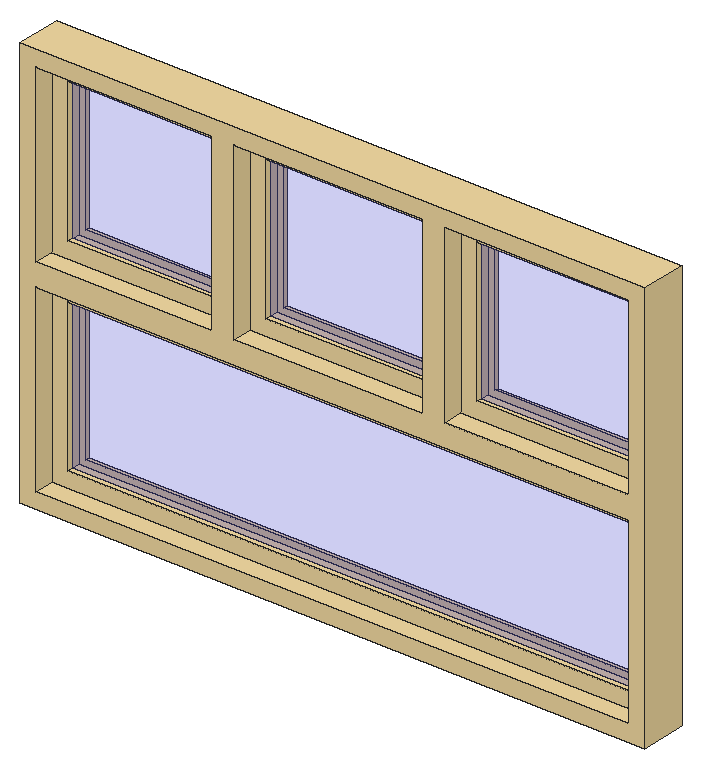
Revit family "6704-COto 62", category Windows, host Wall, Revit 2016
Family settings
  Host = Wall
  OmniClass Number = 23.30.20.00
  OmniClass Title = Windows
  Always vertical = Yes
  Cut with Voids When Loaded = No
  Shared = No
  Room Calculation Point = No
Parameters (values of type "1788x1188mm")
  top 4 [instance] = no
  top 3 [instance] = yes
  top 2 [instance] = no
  top 1 [instance] = yes
  right 4 [instance] = yes
  right 2 [instance] = no
  right 1 [instance] = no
  right 3 [instance] = no
  left 4 [instance] = no
  left 3 [instance] = no
  left 2 [instance] = yes
  left 1 [instance] = no
  Sash 4 [instance] = or(top 4, right 4, left 4)  # yes
  Sash 3 [instance] = or(top 3, right 3, left 3)  # yes
  Sash 2 [instance] = or(top 2, right 2, left 2)  # yes
  Sash 1 [instance] = or(top 1, right 1, left 1)  # yes
  Rough Width = Width + 2 * Joint  # 1812 mm
  Rough Height = Height + 2 * Joint  # 1212 mm
  Offset from wall = 40 mm
  Mullion 3 Placement = 1192 mm
  Mullion 2 Placement = 596 mm
  Mullion 1 Placement = 594 mm
  Manufacturer = "www.kronevinduer.dk"
  Joint = 12 mm
  Height = 1188 mm
  Frame 176mm [instance] = no
  Frame 157mm [instance] = no
  Default Sill Height = 800 mm
  Wall Closure = By host
  Width = 1788 mm
Reference planes
  plane 1 "Center (Front/Back)": y = 0
  plane 2 "Center (Left/Right)": x = 0
  plane 3 "Left": x = -894
  plane 4 "Right": x = 894
  plane 5 "Sill": z = 800
  plane 6 "Head": z = 1988
  plane 7 "Exterior": y = 100
  plane 8 "Interior": y = -100
  plane 9: y = 60
  plane 10: x = 882
  plane 11: x = -882
  plane 12: z = 812
  plane 13: z = 1976
  plane 14: x = 286
  plane 15: z = 1406
  plane 16: x = 584
  plane 17: x = -310
  plane 18: z = 1109
  plane 19: z = 1394
  plane 20: z = 1691
  plane 21: x = -12
  plane 22: x = -596
Forms (mm)
  Sweep 1, solid, material "Wood frame"
    path origin (0, 100, 0) x (1, 0, 0) y (0, 0, 1)
      loop
        line (882, 812) -> (882, 1976) -> (-882, 1976) -> (-882, 812) -> (882, 812)
    profile "COto 62 træ-alu,karm- fast glas 45mm : COto 62 træ-alu,karm- fast glas 45mm" origin (0, 100, 812) x (0, 0, -1) y (0, -1, 0)
      loop
        line (0, 170) -> (-45, 170) -> (-45, 99) -> (-27, 99) -> (-27, 51) -> (-45, 51) -> (-45, 40) -> (0, 40) -> (0, 170)
  Sweep 2, solid, material "Wood frame", visible <- "Frame 157mm"
    path origin (0, 100, 0) x (1, 0, 0) y (0, 0, 1)
      loop
        line (882, 812) -> (882, 1976) -> (-882, 1976) -> (-882, 812) -> (882, 812)
    profile "COto 62 træ-alu,karm- fast glas 45mm-157 : COto 62 træ-alu,karm- fast glas 45mm-157" origin (0, 100, 812) x (0, 0, -1) y (0, -1, 0)
      loop
        line (0, 197) -> (-45, 197) -> (-45, 99) -> (-27, 99) -> (-27, 51) -> (-45, 51) -> (-45, 40) -> (0, 40) -> (0, 197)
  Sweep 3, solid, material "Wood frame", visible <- "Frame 176mm"
    path origin (0, 100, 0) x (1, 0, 0) y (0, 0, 1)
      loop
        line (882, 812) -> (882, 1976) -> (-882, 1976) -> (-882, 812) -> (882, 812)
    profile "COto 62 træ-alu,karm- fast glas 45mm-176 : COto 62 træ-alu,karm- fast glas 45mm-176" origin (0, 100, 812) x (0, 0, -1) y (0, -1, 0)
      loop
        line (0, 216) -> (-45, 216) -> (-45, 99) -> (-27, 99) -> (-27, 51) -> (-45, 51) -> (-45, 40) -> (0, 40) -> (0, 216)
  Extrusion 4, solid, material "Glass"
    sketch origin (-894, 0, 0) x (0, -1, 0) y (0, 0, 1)
      loop
        line (-49, 839) -> (-1, 839) -> (-1, 1949) -> (-49, 1949) -> (-49, 839)
    from -1749 to -39
  Sweep 5, solid, material "Wood frame"
    path origin (0, 100, 0) x (1, 0, 0) y (0, 0, 1)
      loop
        line (882, 1406) -> (-882, 1406)
    profile "COto 62 træ-alu, Post-fast glas 63 mm : COto 62 træ-alu, Post-fast glas 63 mm" origin (0, 100, 1406) x (0, 0, -1) y (0, -1, 0)
      loop
        line (31.5, 170) -> (-31.5, 170) -> (-31.5, 99) -> (-13.5, 99) -> (-13.5, 51) -> (-31.5, 51) -> (-31.5, 40) -> (31.5, 40) -> (31.5, 51) -> (13.5, 51) -> (13.5, 99) -> (31.5, 99) -> (31.5, 170)
  Sweep 6, solid, material "Wood frame", visible <- "Frame 157mm"
    path origin (0, 100, 0) x (1, 0, 0) y (0, 0, 1)
      loop
        line (882, 1406) -> (-882, 1406)
    profile "COto 62 træ-alu, Post-fast glas 63 mm-157 : COto 62 træ-alu, Post-fast glas 63 mm-157" origin (0, 100, 1406) x (0, 0, -1) y (0, -1, 0)
      loop
        line (31.5, 197) -> (-31.5, 197) -> (-31.5, 99) -> (-13.5, 99) -> (-13.5, 51) -> (-31.5, 51) -> (-31.5, 40) -> (31.5, 40) -> (31.5, 51) -> (13.5, 51) -> (13.5, 99) -> (31.5, 99) -> (31.5, 197)
  Sweep 7, solid, material "Wood frame", visible <- "Frame 176mm"
    path origin (0, 100, 0) x (1, 0, 0) y (0, 0, 1)
      loop
        line (882, 1406) -> (-882, 1406)
    profile "COto 62 træ-alu, Post-fast glas 63 mm-176 : COto 62 træ-alu, Post-fast glas 63 mm-176" origin (0, 100, 1406) x (0, 0, -1) y (0, -1, 0)
      loop
        line (31.5, 216) -> (-31.5, 216) -> (-31.5, 99) -> (-13.5, 99) -> (-13.5, 51) -> (-31.5, 51) -> (-31.5, 40) -> (31.5, 40) -> (31.5, 51) -> (13.5, 51) -> (13.5, 99) -> (31.5, 99) -> (31.5, 216)
  Sweep 8, solid, material "Wood frame"
    path origin (0, 100, 0) x (1, 0, 0) y (0, 0, 1)
      loop
        line (286, 1406) -> (286, 1976)
    profile "COto 62 træ-alu, Post-fast glas 63 mm : COto 62 træ-alu, Post-fast glas 63 mm" origin (286, 100, 1691) x (-1, 0, 0) y (0, -1, 0)
      loop
        line (31.5, 170) -> (-31.5, 170) -> (-31.5, 99) -> (-13.5, 99) -> (-13.5, 51) -> (-31.5, 51) -> (-31.5, 40) -> (31.5, 40) -> (31.5, 51) -> (13.5, 51) -> (13.5, 99) -> (31.5, 99) -> (31.5, 170)
  Sweep 9, solid, material "Wood frame", visible <- "Frame 157mm"
    path origin (0, 100, 0) x (1, 0, 0) y (0, 0, 1)
      loop
        line (286, 1976) -> (286, 1406)
    profile "COto 62 træ-alu, Post-fast glas 63 mm-157 : COto 62 træ-alu, Post-fast glas 63 mm-157" origin (286, 100, 1691) x (1, 0, 0) y (0, -1, 0)
      loop
        line (31.5, 197) -> (-31.5, 197) -> (-31.5, 99) -> (-13.5, 99) -> (-13.5, 51) -> (-31.5, 51) -> (-31.5, 40) -> (31.5, 40) -> (31.5, 51) -> (13.5, 51) -> (13.5, 99) -> (31.5, 99) -> (31.5, 197)
  Sweep 10, solid, material "Wood frame", visible <- "Frame 176mm"
    path origin (0, 100, 0) x (1, 0, 0) y (0, 0, 1)
      loop
        line (286, 1976) -> (286, 1406)
    profile "COto 62 træ-alu, Post-fast glas 63 mm-176 : COto 62 træ-alu, Post-fast glas 63 mm-176" origin (286, 100, 1691) x (1, 0, 0) y (0, -1, 0)
      loop
        line (31.5, 216) -> (-31.5, 216) -> (-31.5, 99) -> (-13.5, 99) -> (-13.5, 51) -> (-31.5, 51) -> (-31.5, 40) -> (31.5, 40) -> (31.5, 51) -> (13.5, 51) -> (13.5, 99) -> (31.5, 99) -> (31.5, 216)
  Sweep 11, solid, material "Wood frame", visible <- "Sash 1"
    path origin (0, 100, 0) x (1, 0, 0) y (0, 0, 1)
      loop
        line (855, 839) -> (855, 1392.5) -> (-855, 1392.5) -> (-855, 839) -> (855, 839)
    profile "COto 62 træ-alu,opluk-ramme : COto 62 træ-alu,opluk-ramme" origin (0, 100, 839) x (0, 0, -1) y (0, -1, 0)
      loop
        line (0, 99) -> (-18, 99) -> (-18, 114) -> (-63, 114) -> (-63, 99) -> (-45, 99) -> (-45, 51) -> (-63, 51) -> (-63, 40) -> (0, 40) -> (0, 99)
  Sweep 12, solid, material "Wood frame", visible <- "Sash 2"
    path origin (0, 100, 0) x (1, 0, 0) y (0, 0, 1)
      loop
        line (855, 1419.5) -> (855, 1949) -> (299.5, 1949) -> (299.5, 1419.5) -> (855, 1419.5)
    profile "COto 62 træ-alu,opluk-ramme : COto 62 træ-alu,opluk-ramme" origin (577.25, 100, 1419.5) x (0, 0, -1) y (0, -1, 0)
      loop
        line (0, 99) -> (-18, 99) -> (-18, 114) -> (-63, 114) -> (-63, 99) -> (-45, 99) -> (-45, 51) -> (-63, 51) -> (-63, 40) -> (0, 40) -> (0, 99)
  Sweep 13, solid, material "Wood frame"
    path origin (0, 100, 0) x (1, 0, 0) y (0, 0, 1)
      loop
        line (-310, 1406) -> (-310, 1976)
    profile "COto 62 træ-alu, Post-fast glas 63 mm : COto 62 træ-alu, Post-fast glas 63 mm" origin (-310, 100, 1691) x (-1, 0, 0) y (0, -1, 0)
      loop
        line (31.5, 170) -> (-31.5, 170) -> (-31.5, 99) -> (-13.5, 99) -> (-13.5, 51) -> (-31.5, 51) -> (-31.5, 40) -> (31.5, 40) -> (31.5, 51) -> (13.5, 51) -> (13.5, 99) -> (31.5, 99) -> (31.5, 170)
  Sweep 14, solid, material "Wood frame", visible <- "Frame 157mm"
    path origin (0, 100, 0) x (1, 0, 0) y (0, 0, 1)
      loop
        line (-310, 1406) -> (-310, 1976)
    profile "COto 62 træ-alu, Post-fast glas 63 mm-157 : COto 62 træ-alu, Post-fast glas 63 mm-157" origin (-310, 100, 1691) x (-1, 0, 0) y (0, -1, 0)
      loop
        line (31.5, 197) -> (-31.5, 197) -> (-31.5, 99) -> (-13.5, 99) -> (-13.5, 51) -> (-31.5, 51) -> (-31.5, 40) -> (31.5, 40) -> (31.5, 51) -> (13.5, 51) -> (13.5, 99) -> (31.5, 99) -> (31.5, 197)
  Sweep 15, solid, material "Wood frame", visible <- "Frame 176mm"
    path origin (0, 100, 0) x (1, 0, 0) y (0, 0, 1)
      loop
        line (-310, 1406) -> (-310, 1976)
    profile "COto 62 træ-alu, Post-fast glas 63 mm-176 : COto 62 træ-alu, Post-fast glas 63 mm-176" origin (-310, 100, 1691) x (-1, 0, 0) y (0, -1, 0)
      loop
        line (31.5, 216) -> (-31.5, 216) -> (-31.5, 99) -> (-13.5, 99) -> (-13.5, 51) -> (-31.5, 51) -> (-31.5, 40) -> (31.5, 40) -> (31.5, 51) -> (13.5, 51) -> (13.5, 99) -> (31.5, 99) -> (31.5, 216)
  Sweep 16, solid, material "Wood frame", visible <- "Sash 3"
    path origin (0, 100, 0) x (1, 0, 0) y (0, 0, 1)
      loop
        line (272.5, 1419.5) -> (272.5, 1949) -> (-296.5, 1949) -> (-296.5, 1419.5) -> (272.5, 1419.5)
    profile "COto 62 træ-alu,opluk-ramme : COto 62 træ-alu,opluk-ramme" origin (-12, 100, 1419.5) x (0, 0, -1) y (0, -1, 0)
      loop
        line (0, 99) -> (-18, 99) -> (-18, 114) -> (-63, 114) -> (-63, 99) -> (-45, 99) -> (-45, 51) -> (-63, 51) -> (-63, 40) -> (0, 40) -> (0, 99)
  Sweep 17, solid, material "Wood frame", visible <- "Sash 4"
    path origin (0, 100, 0) x (1, 0, 0) y (0, 0, 1)
      loop
        line (-323.5, 1419.5) -> (-323.5, 1949) -> (-855, 1949) -> (-855, 1419.5) -> (-323.5, 1419.5)
    profile "COto 62 træ-alu,opluk-ramme : COto 62 træ-alu,opluk-ramme" origin (-589.25, 100, 1419.5) x (0, 0, -1) y (0, -1, 0)
      loop
        line (0, 99) -> (-18, 99) -> (-18, 114) -> (-63, 114) -> (-63, 99) -> (-45, 99) -> (-45, 51) -> (-63, 51) -> (-63, 40) -> (0, 40) -> (0, 99)
Cuts and joins
  joined: Sweep 1, Sweep 5, Sweep 8, Sweep 13
  joined: Sweep 2, Sweep 6, Sweep 9, Sweep 14
  joined: Sweep 3, Sweep 7, Sweep 10, Sweep 15
Lines and regions (mm)
  Opening 1
    outline origin (3500, -100, 0) x (1, 0, 0) y (0, 0, 1)
      loop
        line (-2606, 800) -> (-2606, 1988) -> (-4394, 1988) -> (-4394, 800) -> (-2606, 800)
  symbolic lines, visible <- "top 2"
    curve 1: line (855, 100, 1949) -> (584, 100, 1419.5)
    curve 2: line (584, 100, 1419.5) -> (299.5, 100, 1949)
  symbolic lines, visible <- "top 1"
    curve 3: line (855, 100, 1392.5) -> (0, 100, 839)
    curve 4: line (0, 100, 839) -> (-855, 100, 1392.5)
  symbolic lines
    curve 5: line (855, 100, 1949) -> (855, 100, 1691)
  symbolic lines, visible <- "left 1"
    curve 6: line (855, 100, 1392.5) -> (-855, 100, 1109)
    curve 7: line (-855, 100, 1109) -> (855, 100, 839)
  symbolic lines, visible <- "right 1"
    curve 8: line (-855, 100, 1392.5) -> (855, 100, 1109)
    curve 9: line (855, 100, 1109) -> (-855, 100, 839)
  symbolic lines, visible <- "right 2"
    curve 10: line (299.5, 100, 1949) -> (855, 100, 1691)
    curve 11: line (855, 100, 1691) -> (299.5, 100, 1419.5)
  symbolic lines, visible <- "left 2"
    curve 12: line (855, 100, 1949) -> (299.5, 100, 1691)
    curve 13: line (299.5, 100, 1691) -> (855, 100, 1419.5)
  symbolic lines, visible <- "top 3"
    curve 14: line (272.5, 100, 1949) -> (-12, 100, 1419.5)
    curve 15: line (-12, 100, 1419.5) -> (-296.5, 100, 1949)
  symbolic lines, visible <- "top 4"
    curve 16: line (-323.5, 100, 1949) -> (-596, 100, 1419.5)
    curve 17: line (-596, 100, 1419.5) -> (-855, 100, 1949)
  symbolic lines, visible <- "left 3"
    curve 18: line (272.5, 100, 1949) -> (-296.5, 100, 1691)
    curve 19: line (-296.5, 100, 1691) -> (272.5, 100, 1419.5)
  symbolic lines, visible <- "right 3"
    curve 20: line (-296.5, 100, 1949) -> (272.5, 100, 1691)
    curve 21: line (272.5, 100, 1691) -> (-296.5, 100, 1419.5)
  symbolic lines, visible <- "left 4"
    curve 22: line (-323.5, 100, 1949) -> (-855, 100, 1691)
    curve 23: line (-855, 100, 1691) -> (-323.5, 100, 1419.5)
  symbolic lines, visible <- "right 4"
    curve 24: line (-855, 100, 1949) -> (-323.5, 100, 1691)
    curve 25: line (-323.5, 100, 1691) -> (-855, 100, 1419.5)
Text (mm)
  text "EXTERIOR" at (-1963.203, 1332.353, 0), in view "Ref. Level"
  text "INTERIOR" at (-1981.466, -818.386, 0), in view "Ref. Level"
  text "Exterior" at (0, 923.751, 2943.296), in view "Right"
  text "Exterior" at (0, 1040.484, 2685.409), in view "Left"
Dimensions and locks
  equal spacing: plane 3 "Left", plane 2 "Center (Left/Right)", plane 4 "Right"
  "Width": plane 3 "Left" to plane 4 "Right"
  "Height": plane 5 "Sill" to plane 6 "Head"
  "Default Sill Height": plane 5 "Sill" to level
  locked: plane 7 "Exterior" to host wall at 0
  locked: plane 8 "Interior" to host wall
  "Joint": plane 13 to plane 6 "Head"
  "Joint": plane 5 "Sill" to plane 12
  "Joint": plane 3 "Left" to plane 11
  "Joint": plane 10 to plane 4 "Right"
  "Offset from wall": plane 9 to plane 7 "Exterior"
  "Mullion 2 Placement": plane 14 to plane 10
  "Mullion 1 Placement": plane 12 to plane 15
  equal spacing: plane 14, plane 16, plane 10
  equal spacing: plane 12, plane 18, plane 15
  equal spacing: plane 12, plane 19, plane 13
  equal spacing: plane 15, plane 20, plane 13
  equal spacing: plane 17, plane 21, plane 14
  equal spacing: plane 11, plane 22, plane 17
  "Mullion 3 Placement": plane 17 to plane 10
  aligned and locked: plane 12 to Sweep 1 sketch curve
  aligned and locked: plane 10 to Sweep 1 sketch curve
  aligned and locked: Sweep 1 sketch curve to plane 13
  aligned and locked: Sweep 1 sketch curve to plane 11
  aligned and locked: Extrusion 4 sketch curve to Sweep 1  (x2)
  aligned and locked: Extrusion 4 to Sweep 1  (x4)
  aligned and locked: plane 15 to Sweep 5 sketch curve
  aligned and locked: Sweep 11 sketch curve to Extrusion 4  (x2)
  aligned and locked: Sweep 11 sketch curve to cut or joined group of Sweep 1, Sweep 5, Sweep 8, Sweep 13  (x2)
  aligned and locked: Sweep 12 sketch curve to cut or joined group of Sweep 1, Sweep 5, Sweep 8, Sweep 13  (x3)
  aligned and locked: cut or joined group of Sweep 1, Sweep 5, Sweep 8, Sweep 13 to Sweep 12 sketch curve
  aligned and locked: cut or joined group of Sweep 1, Sweep 5, Sweep 8, Sweep 13 to Sweep 16 sketch curve  (x2)
  aligned and locked: Sweep 16 sketch curve to cut or joined group of Sweep 1, Sweep 5, Sweep 8, Sweep 13  (x2)
  aligned and locked: cut or joined group of Sweep 1, Sweep 5, Sweep 8, Sweep 13 to Sweep 17 sketch curve
  aligned and locked: Sweep 17 sketch curve to cut or joined group of Sweep 1, Sweep 5, Sweep 8, Sweep 13
  aligned and locked: Sweep 17 sketch curve to Extrusion 4  (x2)
Automatic sketch dimensions
  Opening 1 sketch curve to plane 3 "Left" = 0 mm
  Opening 1 sketch curve to plane 4 "Right" = 0 mm
  Opening 1 sketch curve to plane 5 "Sill" = 0 mm
  Opening 1 sketch curve to plane 6 "Head" = 0 mm
  plane 11 to Sweep 2 sketch curve = 0 mm
  plane 10 to Sweep 2 sketch curve = 0 mm
  Sweep 2 sketch curve to plane 12 = 0 mm
  Sweep 2 sketch curve to plane 13 = 0 mm
  plane 11 to Sweep 3 sketch curve = 0 mm
  plane 10 to Sweep 3 sketch curve = 0 mm
  Sweep 3 sketch curve to plane 12 = 0 mm
  Sweep 3 sketch curve to plane 13 = 0 mm
  Extrusion 4 sketch curve to plane 5 "Sill" = 39 mm
  plane 6 "Head" to Extrusion 4 sketch curve = 39 mm
  plane 11 to Sweep 5 sketch curve = 0 mm
  plane 10 to Sweep 5 sketch curve = 0 mm
  plane 11 to Sweep 6 sketch curve = 0 mm
  plane 10 to Sweep 6 sketch curve = 0 mm
  Sweep 6 sketch curve to plane 15 = 0 mm
  plane 11 to Sweep 7 sketch curve = 0 mm
  plane 10 to Sweep 7 sketch curve = 0 mm
  Sweep 7 sketch curve to plane 15 = 0 mm
  Sweep 8 sketch curve to plane 13 = 0 mm
  plane 14 to Sweep 8 sketch curve = 0 mm
  Sweep 8 sketch curve to plane 15 = 0 mm
  plane 14 to Sweep 9 sketch curve = 0 mm
  Sweep 9 sketch curve to plane 15 = 0 mm
  Sweep 9 sketch curve to plane 13 = 0 mm
  plane 14 to Sweep 10 sketch curve = 0 mm
  Sweep 10 sketch curve to plane 15 = 0 mm
  Sweep 10 sketch curve to plane 13 = 0 mm
  Sweep 13 sketch curve to plane 13 = 0 mm
  plane 17 to Sweep 13 sketch curve = 0 mm
  Sweep 13 sketch curve to plane 15 = 0 mm
  Sweep 14 sketch curve to plane 13 = 0 mm
  plane 17 to Sweep 14 sketch curve = 0 mm
  Sweep 14 sketch curve to plane 15 = 0 mm
  Sweep 15 sketch curve to plane 13 = 0 mm
  plane 17 to Sweep 15 sketch curve = 0 mm
  Sweep 15 sketch curve to plane 15 = 0 mm
  curve 7 to plane 18 = 0 mm
  curve 23 to plane 20 = 0 mm
  curve 16 to plane 22 = 0 mm
  curve 24 to plane 20 = 0 mm
  curve 19 to plane 20 = 0 mm
  plane 2 "Center (Left/Right)" to curve 4 = 0 mm
  plane 21 to curve 14 = 0 mm
  curve 20 to plane 20 = 0 mm
  curve 13 to plane 20 = 0 mm
  plane 16 to curve 2 = 0 mm
  curve 8 to plane 18 = 0 mm
  curve 11 to plane 20 = 0 mm
  curve 17 to plane 11 = 27 mm
  curve 4 to plane 11 = 27 mm
  curve 6 to plane 11 = 27 mm
  curve 22 to plane 11 = 27 mm
  plane 17 to curve 16 = 13.5 mm
  curve 15 to plane 17 = 13.5 mm
  curve 19 to plane 17 = 13.5 mm
  plane 14 to curve 18 = 13.5 mm
  plane 14 to curve 20 = 13.5 mm
  curve 13 to plane 14 = 13.5 mm
  curve 2 to plane 14 = 13.5 mm
  plane 10 to curve 5 = 27 mm
  plane 10 to curve 6 = 27 mm
  plane 10 to curve 8 = 27 mm
  plane 12 to curve 3 = 27 mm
  curve 8 to plane 15 = 13.5 mm
  curve 6 to plane 15 = 13.5 mm
  plane 15 to curve 2 = 13.5 mm
  plane 15 to curve 17 = 13.5 mm
  plane 15 to curve 15 = 13.5 mm
  curve 18 to plane 13 = 27 mm
  curve 20 to plane 13 = 27 mm
  curve 17 to plane 13 = 27 mm
  curve 10 to curve 14 = 0 mm
  curve 5 to plane 13 = 27 mm
  curve 22 to plane 13 = 27 mm
  curve 9 to plane 11 = 27 mm
  curve 25 to curve 4 = 0 mm
  plane 17 to curve 24 = 13.5 mm
  plane 17 to curve 23 = 13.5 mm
  curve 21 to plane 17 = 13.5 mm
  plane 14 to curve 19 = 13.5 mm
  curve 11 to plane 14 = 13.5 mm
  plane 10 to curve 7 = 27 mm
  plane 10 to curve 13 = 27 mm
  plane 12 to curve 9 = 27 mm
  plane 12 to curve 7 = 27 mm
  plane 15 to curve 23 = 13.5 mm
  plane 15 to curve 19 = 13.5 mm
  plane 15 to curve 21 = 13.5 mm
  plane 15 to curve 13 = 13.5 mm
  plane 15 to curve 11 = 13.5 mm
  plane 15 to curve 25 = 13.5 mm
